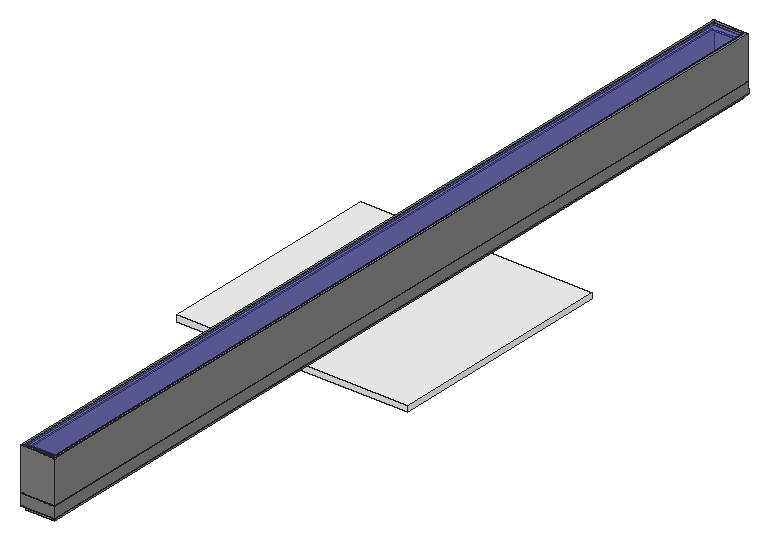
Revit family "BE_24320_de_DE", category Leuchten, Revit 2020
Family settings
  Basisbauteil = Fläche
  Bemaßung runder Anschluss = Durchmesser verwenden
  Teiletyp = Normal
  Beim Laden mit Abzugskörper schneiden = Ja
  Lichtquelle = Ja
  Gemeinsam genutzt = Nein
  Raumberechnungspunkt = Ja
Parameters (values of type "BEGA_24320_Grafit_K4")
  built-in parameter 1150104 = 16.606 (stored number, unit not read)
  Wattage = 48 W
  Default Elevation = 0 mm
  built-in parameter 1150113 = 1 (stored number, unit not read)
  built-in parameter 1114218 = 1 (stored number, unit not read)
  Umgebungstemperatur = "25 °C"
  URL = "https://www.bega.com/de/produkt/24320"
  Typenkommentare = "© 2022 BEGA. Wir behalten uns das Recht vor, technische Änderungen ohne vorherige Ankündigung vorzunehmen."  # constant formula
  Type Image = 24320.png
  built-in parameter 1150134 = 12
  built-in parameter 1150109 = 1 (stored number, unit not read)
  Strom = ""
  built-in parameter 1150110 = 1 (stored number, unit not read)
  Spannung = 239.996 V
  Sonderanfertigung = no
  Seriennummer [instance] = "Hier können Sie die eindeutige Seriennummer für das Facility Management eintragen."
  Schutzklasse = "I"
  Schutzart = "IP 65"
  Scheinlast = 0 VA
  Produktdatenblatt = "https://cdn.bega.com/bega/products/24320K4/current/documents/data-sheets/de"
  Oberflächentemperatur = ""
  Neigungswinkel = 0.00°
  Modell = "24320K4"
  Material_17 = BEGA_Reflektor
  Material_15 = BEGA_Leuchtmedium_matt
  Material_11 = BEGA_Glas_opal
  Material_09 = BEGA_Glas_klar
  Material_06 = BEGA_Oberfläche_Edelstahl_gebürstet
  Material_05 = BEGA_Oberfläche_Aluminium Guss
  Material_03 = BEGA_Oberfläche_Weiss_matt
  Material_02 = BEGA_Oberfläche_Silber_matt
  Material_01 [instance] = BEGA_Oberfläche_Grafit_matt
  M_W = no
  M_G = yes
  M_A = no
  Logo = 0
  built-in parameter 1114217 = 1 (stored number, unit not read)
  built-in parameter 1150139 = (empty or 0)
  built-in parameter 1150105 = 682.77 (stored number, unit not read)
  built-in parameter 1150114 = 1 (stored number, unit not read)
  Lumens = 8580 lm
  built-in parameter 1150115 = 1 (stored number, unit not read)
  Leuchtenlichtstrom = "3515 lm"
  Leuchtenanzahl = ""
  Lebensdauerkriterien = "L70B50 @ 25 °C = 200000 h"
  Lastklassifizierung = Beleuchtung
  built-in parameter 1150112 = 1 (stored number, unit not read)
  Lampenlichtstrom = "9090 lm"
  Lampe = "LED 47.4 W"
  LED_Modulbezeichnung = "LED-0772/840"
  built-in parameter 1150142 = (empty or 0)
  Hersteller = "BEGA"  # constant formula
  Halbstreuwinkel = ""
  Gewicht = "9.1 kg"
  Gebrauchslageneinschränkung [instance] = ""
  Frequenz = "0/50-60 Hz"
  Farbwiedergabeindex = "CRI > 80"
  Farbtemperaturverschiebung bei Dämpfen der Lampe = <Keine Auswahl>
  Farbtemperatur = "4000 K"
  Color Filter = 16777215
  built-in parameter 1150133 = 10 (stored number, unit not read)
  Energieeffizienzklasse = "LED A++ - A"
  built-in parameter 1150137 = (empty or 0)
  built-in parameter 1150132 = (empty or 0)
  ENEC = "ja"
  Dimmbar [instance] = "DALI"
  Datei für fotometrisches Netz = "BE_24320K4.IES"
  CE_Konformität = "ja"
  Bestellnummer = "24320K4"
  Beschreibung_Sonderanfertigung = "Hier können Sie Informationen zur Sonderanfertigung eintragen."
  Beschreibung = "Decken- und Wandleuchte"
  built-in parameter 1150106 = 6.8277 (stored number, unit not read)
  Befestigungsbohrung = "Ø 7 mm"
  Befestigungsabstand = "1100 mm"
  Ballwurfsicher = ""
  BEGA_Intern_aus = yes
  BEGA_Intern_an = yes
  BEGA_Intern_Konstruktion = yes
  BEGA_Intern = yes
  BEGA_IES = yes
  BEGA_Dummy = no
  Anschlussleitung = ""
  Anschlussleistung [instance] = "54.4 W"
  Anschlusskasten = ""
  built-in parameter 1150107 = 4000 (stored number, unit not read)
  built-in parameter 1150102 = (empty or 0)
  built-in parameter 1150138 = (empty or 0)
  Aktualisierung = "2022-05-18T04:00:07"
  Abstand_zur_angestrahlten_Fläche [instance] = ""
  AC/DC = "AC/DC"
Types (2, lengths in mm): name | built-in parameter 1150104 | built-in parameter 1150134 | Modell | built-in parameter 1150105 | Lumens | Leuchtenlichtstrom | Lampenlichtstrom | LED_Modulbezeichnung | Farbtemperatur | Datei für fotometrisches Netz | Bestellnummer | built-in parameter 1150106 | built-in parameter 1150107
  BEGA_24320_Grafit_K4 | 16.606 (stored number, unit not read) | 12 | "24320K4" | 682.77 (stored number, unit not read) | 8580 lm | "3515 lm" | "9090 lm" | "LED-0772/840" | "4000 K" | "BE_24320K4.IES" | "24320K4" | 6.8277 (stored number, unit not read) | 4000 (stored number, unit not read)
  BEGA_24320_Grafit_K3 | 16.258 (stored number, unit not read) | (empty or 0) | "24320K3" | 668.45 (stored number, unit not read) | 8400 lm | "3419 lm" | "8850 lm" | "LED-0772/830" | "3000 K" | "BE_24320K3.IES" | "24320K3" | 6.6845 (stored number, unit not read) | 3000 (stored number, unit not read)
Reference planes
  plane 1 "Mitte (Vorne/Hinten)": y = 0
  plane 2: z = 0
  plane 3 "Mitte (Links/Rechts)": x = 0
  plane 4 "Links": x = -30
  plane 5 "Rechts": x = 30
  plane 6 "Unten": y = -752
  plane 7 "Oben": y = 752
  plane 8 "Vorne": z = 101
  plane 9 "Hinten": z = 0
Forms (mm)
  Extrusion 1, solid, material "BEGA_Platte_Weiss"
    sketch origin (0, -1119.2, 0) x (1, 0, 0) y (0, 1, 0)
      loop
        line (-200, 1319.2) -> (-200, 919.2) -> (200, 919.2) -> (200, 1319.2) -> (-200, 1319.2)
    from 0 to -10
  Extrusion 2, solid, material "BEGA_Dummy_matt", visible <- "BEGA_Dummy"
    sketch origin (80.095, -76.023, 0) x (1, 0, 0) y (0, 1, 0)
      loop
        line (-110.095, 828.023) -> (-110.095, -675.977) -> (-50.095, -675.977) -> (-50.095, 828.023) -> (-110.095, 828.023)
    from 0 to 25.379
Dimensions and locks
  plane 1 "Mitte (Vorne/Hinten)" to Extrusion 1 = 200 mm
  aligned and locked: plane 2 to Extrusion 1
  aligned and locked: level to Extrusion 1
Nested families
  nested 1: "BE_24320" at (0, 0, 0) x (0, 1, 0) z (0, 0, 1), type "BE_24320"
Connectors
  electrical at (0, 0, 0), driven by "Lastklassifizierung", driven by "Spannung", driven by "Scheinlast"
    settings: index 1, voltage 239.996 V, apparent load 0 VA, apparent load phase1 0 VA, apparent load phase2 0 VA, apparent load phase3 0 VA, power factor 1, load classification "Beleuchtung", number of poles 1, system type 31, power factor state 1, is connector primary yes, connector utility no, sub classification motor no, connector description ""
Definition of nested family "BE_24320"
  Parameters (values of type "BE_24320")
    Default Elevation = 1 mm
    URL = "http://www.bega.de/de/produkt"
    Type Comments = "© 2015 BEGA. Wir behalten uns das Recht vor, technische Änderungen ohne vorherige Ankündigung vorzunehmen. "  # constant formula
    Type Image = (empty or 0)
    Neigungswinkel_um_Z2 = 0.00°
    Neigungswinkel_um_Z1 = 0.00°
    Neigungswinkel_um_Y2 = 0.00°
    Neigungswinkel_um_Y1 = 0.00°
    Neigungswinkel_um_X2 = 0.00°
    Neigungswinkel_um_X1 = 0.00°
    Material_17 = none
    Material_15 = none
    Material_11 = none
    Material_09 = none
    Material_06 = none
    Material_05 = none
    Material_03 = none
    Material_02 = none
    Material_01 = none
    M_W = yes
    M_G = yes
    M_A = yes
    Länge_Platte = 1700 mm  # constant formula
    Höhe_Platte = -10 mm  # constant formula
    Manufacturer = "BEGA"  # constant formula
    Drehwinkel_um_Z2 = 0.00°
    Drehwinkel_um_Z1 = 0.00°
    Breite_Platte = 200 mm  # constant formula
  Reference planes
    plane 1 "Mitte (Oben/Unten)": y = 0
    plane 2: z = 0
    plane 3 "Mitte (Links/Rechts)": x = 0
    plane 4: z = 101
    plane 5: y = 30
    plane 6: y = -30
    plane 7: x = -752
    plane 8: x = 752
  Forms (mm)
    Extrusion 1, solid, detail levels medium
      sketch origin (0, 0, 0) x (1, 0, 0) y (0, 1, 0)
        loop
          line (-850, 100) -> (-850, -100) -> (850, -100) -> (850, 100) -> (-850, 100)
      from 0 to -10 <- "Höhe_Platte"
    Sweep 2, solid, material <- "Material_01", detail levels medium+fine
      path origin (0, 0, 0) x (1, 0, 0) y (0, 1, 0)
        loop
          line (-752, 30) -> (-752, -30) -> (752, -30) -> (752, 30) -> (-752, 30)
      profile origin (0, 30, 0) x (0, 1, 0) y (0, 0, 1)
        loop
          line (-0.5, 101) -> (-3.044, 101) -> (-4.682, 96.5) -> (-8, 96.5) -> (-8, 94) -> (-2.8, 94) -> (-2.8, 26) -> (-0.5, 26)
          arc (-0.5, 26) -> (-0.146, 26.146) -> (0, 26.5) r 0.5
          line (0, 26.5) -> (0, 100.5)
          arc (0, 100.5) -> (-0.146, 100.854) -> (-0.5, 101) r 0.5
    Extrusion 3, solid, material <- "Material_11", detail levels medium+fine
      sketch origin (0, 0, 0) x (0, 1, 0) y (0, 0, 1)
        loop
          line (25, 96.7) -> (25, 100.7) -> (-25, 100.7) -> (-25, 96.7) -> (25, 96.7)
      from -747 to 747
    Sweep 4, solid, material <- "Material_01", detail levels medium+fine
      path origin (0, 0, 0) x (1, 0, 0) y (0, 1, 0)
        loop
          line (752, 30) -> (-752, 30) -> (-752, -30) -> (752, -30) -> (752, 30)
      profile origin (0, 30, 0) x (0, -1, 0) y (0, 0, 1)
        loop
          arc (0, 6.5) -> (0.146, 6.146) -> (0.5, 6) r 0.5
          line (0.5, 6) -> (5, 6) -> (5, 0) -> (25, 0) -> (25, 10) -> (4, 10) -> (4, 26) -> (0, 26) -> (0, 6.5)
    Extrusion 5, solid, material <- "Material_01", detail levels medium+fine
      sketch origin (0, 0, 0) x (0, 1, 0) y (0, 0, 1)
        loop
          line (5, 10) -> (-5, 10) -> (-5, 0) -> (5, 0) -> (5, 10)
      from 730.7 to -727
    Extrusion 6, void
      sketch origin (0, 0, 0) x (1, 0, 0) y (0, 1, 0)
        loop
          arc (-75, 20) -> (-95, 0) -> (-75, -20) r 20
          line (-75, -20) -> (75, -20)
          arc (75, -20) -> (95, 0) -> (75, 20) r 20
          line (75, 20) -> (-75, 20)
        loop
          arc (545, 3.5) -> (541.5, 0) -> (545, -3.5) r 3.5
          line (545, -3.5) -> (555, -3.5)
          arc (555, -3.5) -> (558.5, 0) -> (555, 3.5) r 3.5
          line (555, 3.5) -> (545, 3.5)
        loop
          arc (-553.5, -5) -> (-550, -8.5) -> (-546.5, -5) r 3.5
          line (-546.5, -5) -> (-546.5, 5)
          arc (-546.5, 5) -> (-550, 8.5) -> (-553.5, 5) r 3.5
          line (-553.5, 5) -> (-553.5, -5)
      from 11.948 to -0.793
    Revolve 7, solid, material <- "Material_06", detail levels fine
      sketch origin (450, 0, 0) x (0, 1, 0) y (0, 0, -1)
        loop
          line (30, -22.75) -> (32.2, -22.75) -> (32.2, -18.8) -> (30, -18.8) -> (30, -22.75)
        axis (30, -18.8) -> (32.2, -18.8)
      angle from 0 to 360
    Revolve 8, solid, material <- "Material_06", detail levels fine
      sketch origin (-450, 0, 0) x (0, 1, 0) y (0, 0, 1)
        loop
          line (30, 22.75) -> (30, 18.8) -> (32.2, 18.8) -> (32.2, 22.75) -> (30, 22.75)
        axis (30, 18.8) -> (32.2, 18.8)
      angle from 0 to 360
    Extrusion 9, solid, material <- "Material_01", detail levels medium+fine
      sketch origin (0, 0, 0) x (-1, 0, 0) y (0, 0, -1)
        loop
          line (738.5, -94) -> (738.5, -96.5) -> (747.8, -96.5) -> (747.8, -94) -> (738.5, -94)
        loop
          line (-738.5, -94) -> (-747.8, -94) -> (-747.8, -96.5) -> (-738.5, -96.5) -> (-738.5, -94)
      from -22.05 to 22.05
  Cuts and joins
    Extrusion 6 cuts Sweep 4
    Extrusion 6 cuts Extrusion 5
    joined: Sweep 4, Extrusion 5
    joined: Sweep 2, Extrusion 9
  Dimensions and locks
    equal spacing: Extrusion 1 sketch curve, plane 3 "Mitte (Links/Rechts)", Extrusion 1 sketch curve
    equal spacing: Extrusion 1 sketch curve, plane 1 "Mitte (Oben/Unten)", Extrusion 1 sketch curve
    "Länge_Platte": Extrusion 1 sketch curve to Extrusion 1 sketch curve
    "Breite_Platte": Extrusion 1 sketch curve to Extrusion 1 sketch curve
    aligned and locked: Extrusion 1 to plane 2
    aligned and locked: level to Extrusion 1
  Automatic sketch dimensions
    Sweep 2 sketch curve to plane 6 = 0 mm
    Sweep 2 sketch curve to plane 5 = 0 mm
    Sweep 2 sketch curve to profile plane = 0 mm
    profile plane to Sweep 2 sketch curve = 0.5 mm
    Sweep 2 sketch curve to Sweep 2 sketch curve = 0.5 mm
    Sweep 2 sketch curve to Sweep 2 sketch curve = 2.3 mm
    Sweep 2 sketch curve to Sweep 2 sketch curve = 2.544 mm
    Sweep 2 sketch curve to Sweep 2 sketch curve = 1.882 mm
    Sweep 2 sketch curve to Sweep 2 sketch curve = 3.318 mm
    level to Sweep 2 sketch curve = 26 mm
    Sweep 2 sketch curve to Sweep 2 sketch curve = 67.5 mm
    Sweep 2 sketch curve to Sweep 2 sketch curve = 2.5 mm
    Sweep 2 sketch curve to Sweep 2 sketch curve = 4 mm
    Extrusion 3 sketch curve to plane 6 = 5 mm
    Extrusion 3 sketch curve to plane 4 = 0.3 mm
    Extrusion 3 sketch curve to plane 5 = 5 mm
    Extrusion 3 sketch curve to Extrusion 3 sketch curve = 4 mm
    Sweep 4 sketch curve to plane 5 = 0 mm
    Sweep 4 sketch curve to plane 6 = 0 mm
    Sweep 4 sketch curve to profile plane = 0 mm
    Sweep 4 sketch curve to level = 0 mm
    Sweep 4 sketch curve to Sweep 4 sketch curve = 0.5 mm
    Sweep 4 sketch curve to Sweep 4 sketch curve = 4 mm  (x2)
    Sweep 4 sketch curve to Sweep 4 sketch curve = 1 mm
    Sweep 4 sketch curve to Sweep 4 sketch curve = 20 mm
    Sweep 4 sketch curve to Sweep 4 sketch curve = 6 mm
    Sweep 4 sketch curve to Sweep 4 sketch curve = 16 mm
    Extrusion 5 sketch curve to level = 0 mm
    plane 1 "Mitte (Oben/Unten)" to Extrusion 5 sketch curve = 5 mm
    Extrusion 5 sketch curve to plane 1 "Mitte (Oben/Unten)" = 5 mm
    Extrusion 5 sketch curve to Extrusion 5 sketch curve = 10 mm
    plane 1 "Mitte (Oben/Unten)" to Extrusion 6 sketch curve = 0 mm  (x2)
    plane 1 "Mitte (Oben/Unten)" to Extrusion 6 sketch curve = 5 mm
    Extrusion 6 sketch curve to Extrusion 6 sketch curve = 3.5 mm
    Extrusion 6 sketch curve to plane 6 = 10 mm
    Extrusion 6 sketch curve to plane 3 "Mitte (Links/Rechts)" = 75 mm
    plane 3 "Mitte (Links/Rechts)" to Extrusion 6 sketch curve = 75 mm
    plane 1 "Mitte (Oben/Unten)" to Extrusion 6 sketch curve = 3.5 mm
    Extrusion 6 sketch curve to Extrusion 6 sketch curve = 10 mm
    Extrusion 6 sketch curve to plane 1 "Mitte (Oben/Unten)" = 5 mm
    Revolve 7 sketch curve to plane 5 = 0 mm
    Revolve 7 sketch curve to Revolve 7 sketch curve = 2.2 mm
    level to Revolve 7 sketch curve = 22.75 mm
    Revolve 7 sketch curve to Revolve 7 sketch curve = 3.95 mm
    Revolve 7 sketch curve to plane 5 = 2 mm
    Revolve 7 sketch curve to Revolve 7 sketch curve = 2 mm
    Revolve 7 sketch curve to Revolve 7 sketch curve = 0 mm
    Revolve 8 sketch curve to plane 5 = 0 mm
    Revolve 8 sketch curve to Revolve 8 sketch curve = 2.2 mm
    level to Revolve 8 sketch curve = 18.8 mm
    Revolve 8 sketch curve to Revolve 8 sketch curve = 3.95 mm
    Revolve 8 sketch curve to plane 5 = 2 mm
    Revolve 8 sketch curve to Revolve 8 sketch curve = 2 mm
    Revolve 8 sketch curve to Revolve 8 sketch curve = 0 mm
    plane 4 to Extrusion 9 sketch curve = 7 mm
    plane 4 to Extrusion 9 sketch curve = 4.5 mm  (x2)
    Extrusion 9 sketch curve to Extrusion 9 sketch curve = 9.3 mm  (x2)
    Extrusion 9 sketch curve to Extrusion 9 sketch curve = 2.5 mm
    Sweep 2 sketch curve to plane 3 "Mitte (Links/Rechts)" = 752 mm
    Sweep 4 sketch curve to plane 3 "Mitte (Links/Rechts)" = 752 mm
    Extrusion 6 sketch curve to Extrusion 6 sketch curve = 471.5 mm
    plane 3 "Mitte (Links/Rechts)" to Extrusion 9 sketch curve = 738.5 mm
    plane 3 "Mitte (Links/Rechts)" to Sweep 2 sketch curve = 752 mm
    plane 3 "Mitte (Links/Rechts)" to Sweep 4 sketch curve = 752 mm
    Extrusion 6 sketch curve to Extrusion 6 sketch curve = 470 mm
    Extrusion 9 sketch curve to plane 3 "Mitte (Links/Rechts)" = 738.5 mm
